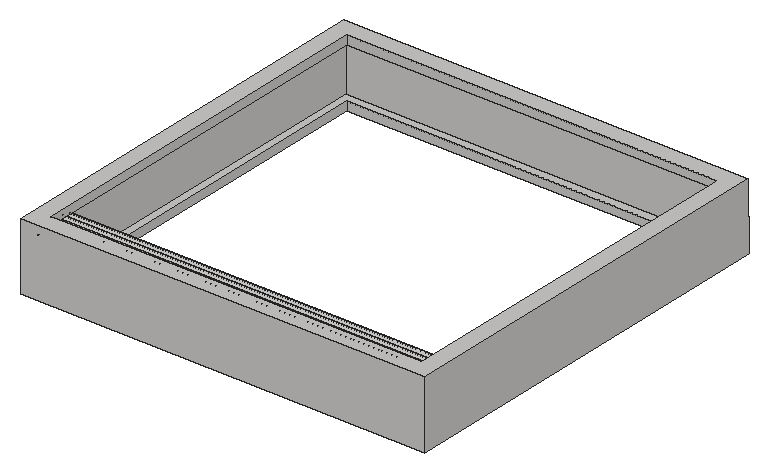
Revit family "Louver_Carnes-Galvanized-J_Blade-Stationary-FJAC", category Duct Accessories, host Face, Revit 2012
Parameters (values of type "FJAC")
  ecoScorecard_data = ""
  ecoScorecard Product Page = "http://ecoscorecard.com/"
  Width = 24"
  Warranty URL = "http://www.carnes.com/GeneralCatalogs/termcond.pdf"
  URL = "http://www.carnes.com/index.html"
  Subcategory = "Louvers and Dampers"  # constant formula
  Spec Sheet URL = "http://www.carnes.com/Louvers/pdf/17145.pdf"
  Product Page URL = "http://www.carnes.com/Louvers/FFAC-FJAC.htm"
  Product Line = "Galvanized Steel Stationary J Blade Louver"  # constant formula
  Offset = 1"
  Model = "FJAC"  # constant formula
  Minimum Size = "8\"W x 10\"H"
  Maximum Vertical Size = "96\"W x 72\"H"
  Maximum System Velocity = 840 FPM  # constant formula
  Maximum System Pressure = 0.90 in-wg  # constant formula
  Maximum Size Note = "Larger Sizes made in multiple sections"
  Maximum Horinzontal Size = "96\"W x 72\"H"
  Manufacturer Phone = "608-845-6411"  # constant formula
  Manufacturer Fax = "608-845-6470"  # constant formula
  Manufacturer Email = "mailto:carnes@carnes.com"
  Manufacturer Address = "448 S. Main St., P. O. Box 930040, Verona, WI 53593-0040"  # constant formula
  Manufacturer = "CARNES COMPANY"  # constant formula
  Installation and Maintenance URL = ""
  Height = 24"
  Frame Material = Metal - Carnes - Steel - Galvanized
  Fire Closure Device = ""
  Duct Connector 2 = "Duct Connection 2"  # constant formula
  Duct Connector 1 = "Duct Connection 1"  # constant formula
  Description = "Galvanized Steel Stationary J Blade Louver"  # constant formula
  Depth = 4 1/8"
  Default Elevation = 0"
  Cost Info = "mailto:carnes@carnes.com"
  Catalog URL = "http://www.carnes.com/Louvers/pdf/f10-11.pdf"
  Blades Length = Actual Width - 1"  # 23"
  Blade Material = Metal - Carnes - Steel - Galvanized
  Assembly Code = "B2010300"
  Actual Width = if(Width < 6", 6", if(Width > 72", 72", Width))  # 24"
  Actual Height = if(Height < 6", 6", if(Height > 72", 72", Height))  # 24"
  95 CSI = "10200"  # constant formula
  04 CSI = "08 91 00"  # constant formula
Reference planes (in)
  plane 1 "Center (Front/Back)": y = 0
  plane 2: z = 0
  plane 3 "Center (Left/Right)": x = 0
  plane 4: x = -12
  plane 5: x = 12
  plane 6: y = 12
  plane 7: y = -12
  plane 8: y = -10.9375
  plane 9: x = -11.20993
  plane 10: x = 11.20993
  plane 11: z = -1.5
  plane 12: y = -11.47734
  plane 13: x = 10.20993
  plane 14: z = -3.375
  plane 15: z = -1
  plane 16: y = -9.48917
  plane 17: z = 0.09375
  plane 18: z = 3.5
  plane 19: z = -2.09375
  plane 20: z = -5.5
Forms (in)
  Extrusion 1, void
    sketch origin (0, 0, 0) x (1, 0, 0) y (0, 1, 0)
      loop
        line (12, -12) -> (12, 12) -> (-12, 12) -> (-12, -12) -> (12, -12)
    from 0 to -32.56442
  Sweep 2, solid, material "Metal - Carnes - Steel - Galvanized" <- "Frame Material", detail levels medium+fine
    path origin (0, -21.84066, -1) x (-1, 0, 0) y (0, -1, 0)
      loop
        line (12, -33.84066) -> (12, -9.84066) -> (-12, -9.84066) -> (-12, -33.84066) -> (12, -33.84066)
    profile "Profile : Profile" origin (0, 12, -1) x (0, 1, 0) y (0, 0, 1)
      loop
        line (0, 2) -> (-1, 2) -> (-1, 1.5) -> (-0.5, 1.5) -> (-0.5, -1.5) -> (-1, -1.5) -> (-1, -2) -> (0, -2) -> (0, 2)
  Sweep 3, solid, material "Metal - Carnes - Steel - Galvanized" <- "Frame Material", detail levels coarse
    path origin (0, -21.84066, -1) x (-1, 0, 0) y (0, -1, 0)
      loop
        line (0, -9.84066) -> (0, -33.84066)
    profile origin (0, 0, -1) x (-1, 0, 0) y (0, 0, 1)
      loop
        line (-12, 2) -> (-12, -2) -> (12, -2) -> (12, 2) -> (-12, 2)
Lines and regions (in)
  symbolic lines, style "Damper"
    curve 1: line (12, 12, -1) -> (12, -12, -1)
    curve 2: line (-12, 12, -1) -> (12, 12, -1)
    curve 3: line (-12, -12, -1) -> (-12, 12, -1)
    curve 4: line (12, -12, -1) -> (-12, -12, -1)
  symbolic lines, style "Damper", detail levels medium+fine
    curve 5: line (11, 11, -1) -> (-11, 11, -1)
    curve 6: line (-11, 11, -1) -> (-11, -11, -1)
    curve 7: line (-11, -11, -1) -> (11, -11, -1)
    curve 8: line (11, -11, -1) -> (11, 11, -1)
Dimensions and locks (in)
  equal spacing: plane 7, plane 1 "Center (Front/Back)", plane 6
  equal spacing: plane 4, plane 3 "Center (Left/Right)", plane 5
  "Actual Width": plane 4 to plane 5
  "Actual Height": plane 6 to plane 7
  locked: plane 7 to plane 8 at 1.0625
  locked: plane 4 to plane 9 at 0.79007
  locked: plane 10 to plane 5 at 0.79007
  locked: plane 12 to plane 7 at 0.52266
  locked: plane 13 to plane 10 at 1
  locked: plane 14 to plane 15 at 2.375
  locked: plane 16 to plane 8 at 1.44833
  "Offset": level to plane 15
  locked: plane 17 to plane 18 at 3.40625
  locked: plane 15 to plane 17 at 1.09375
  locked: plane 15 to plane 19 at 1.09375
  locked: plane 19 to plane 20 at 3.40625
  equal spacing: Sweep 3 sketch curve, plane 3 "Center (Left/Right)", Sweep 3 sketch curve
  "Actual Width": Sweep 3 sketch curve to Sweep 3 sketch curve
  aligned and locked: plane 2 to host face
  aligned and locked: level to host face
  aligned and locked: plane 5 to Extrusion 1 sketch curve
  aligned and locked: plane 7 to Extrusion 1 sketch curve
  aligned and locked: Extrusion 1 sketch curve to plane 4
  aligned and locked: Extrusion 1 sketch curve to plane 6
  aligned and locked: Extrusion 1 to level
  aligned: nested 2 to plane 12
  aligned: nested 2 to nested 5
  aligned: nested 5 to nested 4
  aligned: nested 4 to nested 6
  aligned: nested 3 to nested 5
  aligned: nested 1 to nested 5
  aligned: nested 3 to nested 2
  aligned: nested 5 to nested 3  (x2)
  aligned: nested 4 to nested 5
  aligned: nested 6 to nested 4
  aligned: nested 6 to plane 15
  aligned: nested 3 to plane 15
  aligned: nested 5 to plane 15
  aligned: nested 4 to plane 15
  aligned: nested 2 to plane 15
  aligned: nested 1 to plane 15
  aligned: plane 16 to nested 6
  aligned: plane 12 to nested 1
  aligned and locked: plane 6 to Sweep 3 sketch curve
  aligned and locked: plane 7 to Sweep 3 sketch curve
  aligned and locked: plane 3 "Center (Left/Right)" to Sweep 3 sketch curve
  aligned and locked: curve 1 to Sweep 2
  aligned and locked: curve 2 to Sweep 2
  aligned and locked: curve 3 to Sweep 2
  aligned and locked: curve 4 to Sweep 2
  aligned and locked: curve 5 to Sweep 2
  aligned and locked: curve 6 to Sweep 2
  aligned and locked: curve 7 to Sweep 2
  aligned and locked: curve 8 to Sweep 2
  aligned and locked: Sweep 3 sketch curve to Sweep 2  (x2)
  aligned and locked: nested 1 to Sweep 2
  aligned: nested 2 to nested 1
  aligned and locked: nested 1 to plane 15
  aligned and locked: nested 2 to plane 15
  aligned and locked: nested 3 to plane 15
  aligned and locked: nested 5 to plane 15
  aligned and locked: nested 4 to plane 15
  aligned and locked: nested 6 to plane 15
  aligned and locked: nested 2 to nested 1
  aligned and locked: nested 3 to nested 2
  aligned and locked: nested 5 to nested 3
  aligned and locked: nested 4 to nested 5
  aligned and locked: nested 6 to nested 4
Automatic sketch dimensions
  host sketch curve to host sketch curve = 96"  (x2)
  Sweep 2 sketch curve to plane 5 = 0"
  Sweep 2 sketch curve to plane 4 = 0"
  Sweep 2 sketch curve to plane 6 = 0"
  plane 7 to Sweep 2 sketch curve = 0"
  curve 8 to plane 10 = 0.20993"
Nested families (in)
  nested 1: "Blade" at (0.00882, -11.5, -2.53052), type "Blades", detail levels fine
  nested 2: "Blade" at (0.00882, -11.10234, -2.53052), type "Blades", detail levels fine
  nested 3: "Blade" at (0.00882, -10.70467, -2.53052), type "Blades", detail levels fine
  nested 4: "Blade" at (0.00882, -9.90935, -2.53052), type "Blades", detail levels fine
  nested 5: "Blade" at (0.00882, -10.30701, -2.53052), type "Blades", detail levels fine
  nested 6: "Blade" at (0.00882, -9.51169, -2.53052), type "Blades", detail levels fine
Connectors (in)
  hvac at (0, 0, 1), driven by "Actual Height", driven by "Actual Width", driven by "Duct Connector 1"
    settings: on Sweep 2, index 1, duct flow 0 CFM, flow factor 0, pres drop 0.00 in-wg, loss coef 0, conn angle 0.00°, conn width 24", conn height 24", conn radius 12", duct sys type 1, conn prof type 1, flow config 0, flow direction 0, loss method 0, conn ref index 2, conn util no, is conn primary yes, conn desc "Duct Connection 1"
  hvac at (0, 0, -3), driven by "Actual Height", driven by "Actual Width", driven by "Duct Connector 2"
    settings: on Sweep 2, index 2, duct flow 0 CFM, flow factor 0, pres drop 0.00 in-wg, loss coef 0, conn angle 0.00°, conn width 24", conn height 24", conn radius 12", duct sys type 1, conn prof type 1, flow config 0, flow direction 0, loss method 0, conn ref index 1, conn util no, is conn primary no, conn desc "Duct Connection 2"
Definition of nested family "Blade"
  Parameters (values of type "Blades")
    Width = 23"
    Unit = Metal - Carnes - Steel - Galvanized
    Assembly Code = ""
  Reference planes (in)
    plane 1 "Center (Front/Back)": y = 0
    plane 2: z = 0
    plane 3 "Center (Left/Right)": x = 0
    plane 4: x = -11.5
    plane 5: x = 11.5
    plane 6: z = 3
    plane 7: z = 0.12354
    plane 8: y = 0.39766
    plane 9: z = 2.9375
    plane 10: z = 1.53052
  Forms (in)
    Extrusion 1, solid, material "Metal - Carnes - Steel - Galvanized" <- "Unit"
      sketch origin (0, 0, 0.35938) x (0, 1, 0) y (0, 0, 1)
        loop
          arc (0.23008, 2.18293) -> (0.19883, 2.57812) -> (0.16758, 2.18293) r 0.19883
          line (0.16758, 2.18293) -> (0.16758, 0.15936)
          arc (0.16758, 0.15936) -> (0.19883, -0.23583) -> (0.23008, 0.15936) r 0.19883
          line (0.23008, 0.15936) -> (0.23008, 2.18293)
        loop
          circle (0.19883, -0.037) r 0.13633
        loop
          circle (0.19883, 2.37929) r 0.13633
      from -11.5 to 11.5
  Lines and regions (in)
    symbolic lines, style "Damper"
      curve 1: line (-11.00781, 0.39763, 0) -> (10.99219, 0.39763, 0)
      curve 2: line (10.99219, 0, 0) -> (-11.00781, 0, 0)
      curve 3: line (-11.00781, 0, 0) -> (-11.00781, 0.39763, 0)
      curve 4: line (10.99219, 0, 0) -> (10.99219, 0.39763, 0)
  Dimensions and locks (in)
    equal spacing: plane 4, plane 3 "Center (Left/Right)", plane 5
    "Width": plane 4 to plane 5
    plane 6 to level = 3"  (x2)
    locked: plane 6 to plane 9 at 0.0625
    locked: plane 4 to curve 3 at 0.49219
    locked: curve 4 to plane 5 at 0.50781
    aligned and locked: level to plane 2
    aligned and locked: plane 4 to Extrusion 1
    aligned and locked: plane 5 to Extrusion 1
    aligned and locked: curve 2 to plane 1 "Center (Front/Back)"
  Automatic sketch dimensions
    plane 8 to curve 3 = 0.00003"
    Extrusion 1 sketch curve to Extrusion 1 sketch curve = 0"  (x5)
    Extrusion 1 sketch curve to plane 1 "Center (Front/Back)" = 0.16758"
    Extrusion 1 sketch curve to Extrusion 1 sketch curve = 1/32"
    Extrusion 1 sketch curve to plane 1 "Center (Front/Back)" = 0.19883"
    Extrusion 1 sketch curve to plane 7 = 0.19883"
    Extrusion 1 sketch curve to Extrusion 1 sketch curve = 0.19636"  (x2)
    Extrusion 1 sketch curve to plane 9 = 0.39519"
    radius of Extrusion 1 sketch curve = 0.13633"  (x2)
